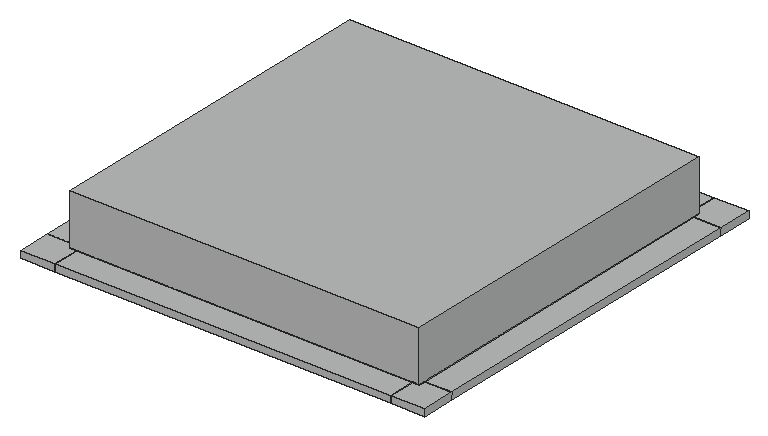
Revit family "ALUMOGIPS", category Осветительные приборы, Revit 2019 (continued)
Types (72, lengths in mm): name | Файл фотометрической сетки | built-in parameter 1150105 | Lumens | built-in parameter 1150106 | built-in parameter 1150142 | Wattage | Emit from Rectangle Width | Emit from Rectangle Length | Длина | Материал светильника | Ширина | ADSK_Ток | ADSK_Полная мощность | ADSK_Обозначение | ADSK_Номинальная мощность | ADSK_Наименование | ADSK_Масса | ADSK_Код изделия
  Alumogips-22/opal-sand 295x295 (IP40, 4000К, серый) | "Светильник ALUMOGIPS-22 OPAL-SAND-(295x295).IES" | 151.2 (stored number, unit not read) | 1900 lm | 1.512 (stored number, unit not read) | "IESNA:LM-63-95\r\n[TEST] Протокол №88\r\n[DATA] 02.08.2016\r\n[MORE] \r\n[MANUFAC] ЗАО \"Центрстройсвет\"\r\n[LUMCAT]  Светильник ALUMOGIPS-22/OPAL-SAND-(295x295)\r\n[LUMINAIRE]\r\n[LAMPCAT] Светодиоды\r\n[LAMP] Поток источника света (светодиодов) не известен\r\n[MORE] КСС приведена в абсолютных величинах кд\r\n[MORE] Вместо потока лампы, указан поток светильника.\r\nTILT=NONE\r\n1    1840 1.0 37 73 1 2 0.295 0.295 0.040\r\n1.0 1.0 23.0\r\n0.0 5.0 10.0 15.0 20.0 25.0 30.0 35.0 40.0 45.0 50.0 55.0 60.0 65.0 70.0 75.0 80.0 85.0 90.0 95.0 100.0 105.0 110.0 115.0 120.0 125.0 130.0 135.0 140.0 145.0 150.0 155.0 160.0 165.0 170.0 175.0 180.0\r\n0.0 5.0 10.0 15.0 20.0 25.0 30.0 35.0 40.0 45.0 50.0 55.0 60.0 65.0 70.0 75.0 80.0 85.0 90.0 95.0 100.0 105.0 110.0 115.0 120.0 125.0 130.0 135.0 140.0 145.0 150.0 155.0 160.0 165.0 170.0 175.0 180.0 185.0 190.0 195.0 200.0 205.0 210.0 215.0 220.0 225.0 230.0 235.0 240.0 245.0 250.0 255.0 260.0 265.0 270.0 275.0 280.0 285.0 290.0 295.0 300.0 305.0 310.0 315.0 320.0 325.0 330.0 335.0 340.0 345.0 350.0 355.0 360.0\r\n704.4 702.6 689.1 668.2 639.7 603.2 562.5 516.5 468.8 417.4 365.6 312.1 259.6 207.6 156.6 108.3 64.3 25.9 1.0 0.0 0.0 0.0 0.0 0.0 0.0 0.0 0.0 0.0 0.0 0.0 0.0 0.0 0.0 0.0 0.0 0.0 0.0\r\n704.4 702.6 688.9 666.9 636.8 601.2 560.9 517.4 467.0 417.5 364.8 312.1 258.9 207.6 156.5 108.3 64.5 26.2 0.8 0.0 0.0 0.0 0.0 0.0 0.0 0.0 0.0 0.0 0.0 0.0 0.0 0.0 0.0 0.0 0.0 0.0 0.0\r\n704.4 702.7 688.1 666.6 636.2 601.8 558.9 514.4 466.5 416.1 364.4 311.1 259.0 206.8 155.7 107.9 64.0 25.6 0.7 0.0 0.0 0.0 0.0 0.0 0.0 0.0 0.0 0.0 0.0 0.0 0.0 0.0 0.0 0.0 0.0 0.0 0.0\r\n704.4 702.8 687.5 665.5 635.7 599.5 558.6 514.9 467.7 415.9 364.3 311.2 257.9 206.3 155.3 107.2 63.6 25.3 0.6 0.0 0.0 0.0 0.0 0.0 0.0 0.0 0.0 0.0 0.0 0.0 0.0 0.0 0.0 0.0 0.0 0.0 0.0\r\n704.4 702.6 687.0 663.7 635.8 599.0 558.1 514.4 465.6 413.9 361.9 310.4 256.5 205.3 154.7 106.6 62.6 24.8 0.4 0.0 0.0 0.0 0.0 0.0 0.0 0.0 0.0 0.0 0.0 0.0 0.0 0.0 0.0 0.0 0.0 0.0 0.0\r\n704.4 702.2 686.0 663.0 633.3 599.1 557.7 512.0 464.8 414.0 362.8 309.2 256.6 205.1 154.2 106.1 62.4 24.4 0.4 0.0 0.0 0.0 0.0 0.0 0.0 0.0 0.0 0.0 0.0 0.0 0.0 0.0 0.0 0.0 0.0 0.0 0.0\r\n704.4 701.7 685.7 662.9 634.4 599.2 558.1 511.9 463.9 414.8 361.7 309.1 256.5 204.4 153.6 105.3 62.2 24.3 0.3 0.0 0.0 0.0 0.0 0.0 0.0 0.0 0.0 0.0 0.0 0.0 0.0 0.0 0.0 0.0 0.0 0.0 0.0\r\n704.4 701.4 685.4 663.3 632.5 597.1 557.3 512.2 463.2 413.2 361.4 307.8 255.6 203.8 153.2 105.6 61.8 24.0 0.3 0.0 0.0 0.0 0.0 0.0 0.0 0.0 0.0 0.0 0.0 0.0 0.0 0.0 0.0 0.0 0.0 0.0 0.0\r\n704.4 701.2 685.3 662.8 633.9 597.9 556.7 511.3 462.0 412.9 360.3 306.8 255.0 203.4 152.9 105.0 62.1 23.8 0.4 0.0 0.0 0.0 0.0 0.0 0.0 0.0 0.0 0.0 0.0 0.0 0.0 0.0 0.0 0.0 0.0 0.0 0.0\r\n704.4 700.7 685.1 661.8 633.2 596.2 556.5 510.9 461.5 411.1 359.4 307.7 255.0 203.8 153.0 104.9 61.9 23.6 0.5 0.0 0.0 0.0 0.0 0.0 0.0 0.0 0.0 0.0 0.0 0.0 0.0 0.0 0.0 0.0 0.0 0.0 0.0\r\n704.4 700.0 684.9 662.8 633.2 597.6 556.4 511.4 461.8 411.3 359.2 307.9 255.0 203.5 152.9 105.5 62.1 23.6 0.3 0.0 0.0 0.0 0.0 0.0 0.0 0.0 0.0 0.0 0.0 0.0 0.0 0.0 0.0 0.0 0.0 0.0 0.0\r\n704.4 699.6 685.0 663.1 633.0 597.9 557.6 511.6 462.2 410.8 359.8 307.8 254.6 203.2 152.9 105.6 62.1 23.9 0.3 0.0 0.0 0.0 0.0 0.0 0.0 0.0 0.0 0.0 0.0 0.0 0.0 0.0 0.0 0.0 0.0 0.0 0.0\r\n704.4 699.4 684.8 662.9 633.0 597.6 556.3 511.4 462.0 412.1 359.9 308.6 255.5 203.3 152.7 105.5 62.7 23.9 0.4 0.0 0.0 0.0 0.0 0.0 0.0 0.0 0.0 0.0 0.0 0.0 0.0 0.0 0.0 0.0 0.0 0.0 0.0\r\n704.4 699.2 685.0 663.9 634.3 597.1 556.9 510.5 462.6 411.5 359.8 308.0 255.2 203.3 153.6 105.4 62.4 24.0 0.4 0.0 0.0 0.0 0.0 0.0 0.0 0.0 0.0 0.0 0.0 0.0 0.0 0.0 0.0 0.0 0.0 0.0 0.0\r\n704.4 698.9 685.3 663.1 633.1 597.7 555.9 511.5 463.6 413.1 360.4 307.4 255.0 203.4 154.1 106.4 62.5 24.2 0.3 0.0 0.0 0.0 0.0 0.0 0.0 0.0 0.0 0.0 0.0 0.0 0.0 0.0 0.0 0.0 0.0 0.0 0.0\r\n704.4 698.8 684.9 662.5 633.7 597.3 557.3 511.4 463.5 412.5 360.6 308.3 256.1 204.5 154.8 106.4 63.3 24.7 0.4 0.0 0.0 0.0 0.0 0.0 0.0 0.0 0.0 0.0 0.0 0.0 0.0 0.0 0.0 0.0 0.0 0.0 0.0\r\n704.4 698.8 685.0 663.1 634.2 598.6 557.7 511.5 463.1 413.4 360.7 309.0 257.0 204.7 154.5 107.2 63.3 25.0 0.4 0.0 0.0 0.0 0.0 0.0 0.0 0.0 0.0 0.0 0.0 0.0 0.0 0.0 0.0 0.0 0.0 0.0 0.0\r\n704.4 698.8 685.9 663.2 634.6 598.3 557.6 511.0 462.3 413.8 361.5 308.8 256.7 205.8 155.4 107.6 63.7 25.3 0.4 0.0 0.0 0.0 0.0 0.0 0.0 0.0 0.0 0.0 0.0 0.0 0.0 0.0 0.0 0.0 0.0 0.0 0.0\r\n704.4 698.9 686.2 663.6 634.2 598.4 558.9 513.7 463.3 414.0 361.2 309.4 257.5 206.4 155.7 108.1 64.2 25.7 0.3 0.0 0.0 0.0 0.0 0.0 0.0 0.0 0.0 0.0 0.0 0.0 0.0 0.0 0.0 0.0 0.0 0.0 0.0\r\n704.4 699.2 685.6 664.1 635.3 599.2 558.5 513.9 465.4 414.1 363.1 310.0 258.5 206.6 156.1 108.2 64.8 26.0 0.4 0.0 0.0 0.0 0.0 0.0 0.0 0.0 0.0 0.0 0.0 0.0 0.0 0.0 0.0 0.0 0.0 0.0 0.0\r\n704.4 699.5 685.9 663.5 635.1 599.6 559.3 514.1 467.4 415.5 363.4 310.4 258.2 207.4 157.0 108.7 65.3 26.4 0.7 0.0 0.0 0.0 0.0 0.0 0.0 0.0 0.0 0.0 0.0 0.0 0.0 0.0 0.0 0.0 0.0 0.0 0.0\r\n704.4 699.6 686.6 665.6 636.2 601.3 560.7 514.4 466.7 415.4 364.2 311.3 259.4 207.8 157.4 109.5 65.4 26.6 0.9 0.0 0.0 0.0 0.0 0.0 0.0 0.0 0.0 0.0 0.0 0.0 0.0 0.0 0.0 0.0 0.0 0.0 0.0\r\n704.4 699.6 687.0 665.5 635.2 600.6 560.0 515.7 467.1 415.8 363.7 312.0 259.9 208.3 157.9 109.9 66.2 27.1 1.0 0.0 0.0 0.0 0.0 0.0 0.0 0.0 0.0 0.0 0.0 0.0 0.0 0.0 0.0 0.0 0.0 0.0 0.0\r\n704.4 699.6 686.9 665.3 638.0 601.8 560.2 516.2 467.8 417.1 364.5 312.6 260.5 209.6 159.0 110.8 66.2 27.7 1.1 0.0 0.0 0.0 0.0 0.0 0.0 0.0 0.0 0.0 0.0 0.0 0.0 0.0 0.0 0.0 0.0 0.0 0.0\r\n704.4 699.6 687.1 666.3 637.6 601.9 561.9 517.1 468.0 418.2 366.8 314.0 261.4 209.4 159.3 111.3 67.0 28.1 1.2 0.0 0.0 0.0 0.0 0.0 0.0 0.0 0.0 0.0 0.0 0.0 0.0 0.0 0.0 0.0 0.0 0.0 0.0\r\n704.4 699.5 687.4 666.7 638.8 602.2 562.2 518.2 469.5 419.1 368.2 314.0 263.2 210.6 159.7 111.6 67.9 28.6 1.4 0.0 0.0 0.0 0.0 0.0 0.0 0.0 0.0 0.0 0.0 0.0 0.0 0.0 0.0 0.0 0.0 0.0 0.0\r\n704.4 699.5 688.3 667.0 640.3 604.3 563.6 518.1 470.6 419.5 367.4 316.1 263.5 211.7 161.4 112.7 68.0 28.9 1.6 0.0 0.0 0.0 0.0 0.0 0.0 0.0 0.0 0.0 0.0 0.0 0.0 0.0 0.0 0.0 0.0 0.0 0.0\r\n704.4 699.3 688.8 667.6 639.8 604.7 565.6 518.5 470.9 421.8 370.5 318.0 264.7 211.6 161.4 113.3 69.3 29.6 1.6 0.0 0.0 0.0 0.0 0.0 0.0 0.0 0.0 0.0 0.0 0.0 0.0 0.0 0.0 0.0 0.0 0.0 0.0\r\n704.4 699.3 689.1 668.0 639.9 605.1 564.7 521.0 473.3 421.7 371.0 317.6 265.9 213.4 162.4 113.9 69.6 30.2 2.1 0.0 0.0 0.0 0.0 0.0 0.0 0.0 0.0 0.0 0.0 0.0 0.0 0.0 0.0 0.0 0.0 0.0 0.0\r\n704.4 699.1 689.5 669.7 641.0 604.7 565.4 521.7 472.9 422.2 371.7 318.9 266.2 213.7 163.0 114.7 70.1 30.7 2.4 0.0 0.0 0.0 0.0 0.0 0.0 0.0 0.0 0.0 0.0 0.0 0.0 0.0 0.0 0.0 0.0 0.0 0.0\r\n704.4 699.0 688.9 668.7 641.2 606.9 567.6 522.5 474.1 423.9 372.7 320.8 267.8 215.3 164.2 115.4 70.6 31.3 2.5 0.0 0.0 0.0 0.0 0.0 0.0 0.0 0.0 0.0 0.0 0.0 0.0 0.0 0.0 0.0 0.0 0.0 0.0\r\n704.4 699.1 688.5 669.3 641.7 607.1 565.5 524.1 474.7 425.6 373.4 320.3 268.0 216.0 165.4 116.1 71.4 31.8 3.2 0.0 0.0 0.0 0.0 0.0 0.0 0.0 0.0 0.0 0.0 0.0 0.0 0.0 0.0 0.0 0.0 0.0 0.0\r\n704.4 699.3 687.9 669.4 641.7 607.2 568.4 524.0 476.6 426.2 374.1 322.1 268.8 217.3 165.9 117.2 72.0 32.4 3.4 0.0 0.0 0.0 0.0 0.0 0.0 0.0 0.0 0.0 0.0 0.0 0.0 0.0 0.0 0.0 0.0 0.0 0.0\r\n704.4 699.4 688.3 668.6 642.5 609.5 569.6 524.7 477.8 427.5 376.1 323.3 270.4 217.7 167.4 118.2 72.9 32.9 3.5 0.0 0.0 0.0 0.0 0.0 0.0 0.0 0.0 0.0 0.0 0.0 0.0 0.0 0.0 0.0 0.0 0.0 0.0\r\n704.4 699.4 689.0 668.7 640.7 609.0 568.7 526.9 479.0 427.9 376.7 323.6 272.1 218.5 168.0 119.1 73.6 33.5 3.7 0.0 0.0 0.0 0.0 0.0 0.0 0.0 0.0 0.0 0.0 0.0 0.0 0.0 0.0 0.0 0.0 0.0 0.0\r\n704.4 699.5 689.2 670.1 641.2 608.9 569.2 524.1 478.5 427.1 377.3 325.0 272.3 219.8 169.2 119.9 74.3 34.5 4.2 0.0 0.0 0.0 0.0 0.0 0.0 0.0 0.0 0.0 0.0 0.0 0.0 0.0 0.0 0.0 0.0 0.0 0.0\r\n704.4 699.5 689.2 669.3 642.5 609.2 569.8 524.5 479.5 428.4 376.6 325.2 272.4 220.9 169.5 120.1 74.4 34.4 4.3 0.0 0.0 0.0 0.0 0.0 0.0 0.0 0.0 0.0 0.0 0.0 0.0 0.0 0.0 0.0 0.0 0.0 0.0\r\n704.4 699.2 689.2 669.9 643.4 609.4 571.0 527.6 480.8 430.3 377.8 326.1 273.4 220.9 169.5 120.2 74.5 34.1 3.9 0.0 0.0 0.0 0.0 0.0 0.0 0.0 0.0 0.0 0.0 0.0 0.0 0.0 0.0 0.0 0.0 0.0 0.0\r\n704.4 698.9 689.2 670.5 644.2 611.7 573.5 529.4 482.3 431.6 378.4 327.7 274.1 222.2 170.4 120.8 75.0 34.6 4.3 0.0 0.0 0.0 0.0 0.0 0.0 0.0 0.0 0.0 0.0 0.0 0.0 0.0 0.0 0.0 0.0 0.0 0.0\r\n704.4 698.9 690.0 671.1 646.9 613.4 573.6 530.0 481.1 432.2 380.0 327.9 274.9 222.2 170.8 121.1 75.6 35.3 4.2 0.0 0.0 0.0 0.0 0.0 0.0 0.0 0.0 0.0 0.0 0.0 0.0 0.0 0.0 0.0 0.0 0.0 0.0\r\n704.4 699.3 690.7 674.8 647.7 612.5 573.7 529.4 482.0 432.1 380.6 327.7 274.6 222.1 170.6 121.7 76.0 35.6 4.5 0.0 0.0 0.0 0.0 0.0 0.0 0.0 0.0 0.0 0.0 0.0 0.0 0.0 0.0 0.0 0.0 0.0 0.0\r\n704.4 699.9 691.7 675.0 647.1 613.1 573.0 530.7 482.3 432.6 379.8 328.5 274.7 223.2 171.5 122.3 76.3 35.9 5.0 0.0 0.0 0.0 0.0 0.0 0.0 0.0 0.0 0.0 0.0 0.0 0.0 0.0 0.0 0.0 0.0 0.0 0.0\r\n704.4 700.4 692.9 673.4 646.5 612.9 575.2 531.6 483.1 433.1 381.9 328.2 276.3 222.1 172.0 122.8 76.9 36.2 5.1 0.0 0.0 0.0 0.0 0.0 0.0 0.0 0.0 0.0 0.0 0.0 0.0 0.0 0.0 0.0 0.0 0.0 0.0\r\n704.4 700.6 693.5 673.9 647.0 612.9 573.5 531.0 482.4 433.7 382.3 328.8 276.2 223.2 172.6 123.3 77.4 36.6 5.1 0.0 0.0 0.0 0.0 0.0 0.0 0.0 0.0 0.0 0.0 0.0 0.0 0.0 0.0 0.0 0.0 0.0 0.0\r\n704.4 700.7 693.7 673.1 648.0 613.9 574.3 531.3 483.3 432.8 382.1 329.2 275.7 223.6 172.8 123.4 77.8 36.9 4.9 0.0 0.0 0.0 0.0 0.0 0.0 0.0 0.0 0.0 0.0 0.0 0.0 0.0 0.0 0.0 0.0 0.0 0.0\r\n704.4 701.1 693.8 674.8 647.2 613.5 575.2 531.8 483.2 434.1 382.5 328.9 276.7 223.3 172.7 123.9 77.9 37.4 5.0 0.0 0.0 0.0 0.0 0.0 0.0 0.0 0.0 0.0 0.0 0.0 0.0 0.0 0.0 0.0 0.0 0.0 0.0\r\n704.4 701.8 693.2 673.7 647.8 613.7 574.8 529.9 484.5 434.8 382.6 330.3 276.0 223.9 173.4 124.4 78.3 37.7 5.0 0.0 0.0 0.0 0.0 0.0 0.0 0.0 0.0 0.0 0.0 0.0 0.0 0.0 0.0 0.0 0.0 0.0 0.0\r\n704.4 702.4 693.0 674.7 647.5 613.7 574.7 531.6 484.4 433.5 382.7 330.5 276.0 224.0 173.7 124.4 78.8 37.9 4.7 0.0 0.0 0.0 0.0 0.0 0.0 0.0 0.0 0.0 0.0 0.0 0.0 0.0 0.0 0.0 0.0 0.0 0.0\r\n704.4 702.9 693.1 673.7 646.9 614.1 575.5 531.6 485.4 434.0 382.7 330.7 276.9 224.2 173.3 124.5 79.1 38.3 4.4 0.0 0.0 0.0 0.0 0.0 0.0 0.0 0.0 0.0 0.0 0.0 0.0 0.0 0.0 0.0 0.0 0.0 0.0\r\n704.4 703.3 693.4 673.6 647.7 614.5 574.9 531.1 484.2 434.6 382.2 329.8 277.1 224.6 173.1 124.5 78.9 38.1 4.9 0.0 0.0 0.0 0.0 0.0 0.0 0.0 0.0 0.0 0.0 0.0 0.0 0.0 0.0 0.0 0.0 0.0 0.0\r\n704.4 703.5 692.8 673.5 646.9 613.2 574.9 530.4 485.0 432.4 382.8 329.5 277.0 223.9 173.7 124.3 78.8 38.0 5.3 0.0 0.0 0.0 0.0 0.0 0.0 0.0 0.0 0.0 0.0 0.0 0.0 0.0 0.0 0.0 0.0 0.0 0.0\r\n704.4 703.6 692.6 673.2 647.2 613.2 573.5 530.2 483.8 433.3 382.1 329.2 277.1 224.4 172.8 124.4 78.9 38.0 4.9 0.0 0.0 0.0 0.0 0.0 0.0 0.0 0.0 0.0 0.0 0.0 0.0 0.0 0.0 0.0 0.0 0.0 0.0\r\n704.4 703.7 692.8 672.6 647.2 614.4 573.5 530.9 482.8 433.6 380.9 329.2 276.5 224.5 172.9 124.0 78.7 37.8 4.9 0.0 0.0 0.0 0.0 0.0 0.0 0.0 0.0 0.0 0.0 0.0 0.0 0.0 0.0 0.0 0.0 0.0 0.0\r\n704.4 703.8 692.6 673.2 647.0 612.4 573.2 530.1 482.8 432.7 380.9 328.7 276.1 224.2 172.8 123.6 78.2 37.4 5.0 0.0 0.0 0.0 0.0 0.0 0.0 0.0 0.0 0.0 0.0 0.0 0.0 0.0 0.0 0.0 0.0 0.0 0.0\r\n704.4 703.6 693.0 674.0 646.0 613.3 572.9 529.7 482.7 431.7 379.7 327.7 275.3 223.6 172.8 123.2 77.9 37.1 4.7 0.0 0.0 0.0 0.0 0.0 0.0 0.0 0.0 0.0 0.0 0.0 0.0 0.0 0.0 0.0 0.0 0.0 0.0\r\n704.4 703.2 693.3 671.6 645.9 611.7 572.1 528.4 482.6 432.2 380.7 327.6 274.6 222.7 171.5 123.0 77.5 36.7 4.5 0.0 0.0 0.0 0.0 0.0 0.0 0.0 0.0 0.0 0.0 0.0 0.0 0.0 0.0 0.0 0.0 0.0 0.0\r\n704.4 703.1 692.8 671.5 645.0 611.3 572.6 526.8 480.5 432.1 379.2 327.0 274.1 221.6 170.8 122.4 77.0 36.3 4.1 0.0 0.0 0.0 0.0 0.0 0.0 0.0 0.0 0.0 0.0 0.0 0.0 0.0 0.0 0.0 0.0 0.0 0.0\r\n704.4 703.3 692.3 671.6 644.6 611.4 570.3 526.6 479.8 430.3 378.7 326.0 273.2 220.7 170.1 121.6 76.1 35.7 3.9 0.0 0.0 0.0 0.0 0.0 0.0 0.0 0.0 0.0 0.0 0.0 0.0 0.0 0.0 0.0 0.0 0.0 0.0\r\n704.4 703.4 692.1 673.0 644.7 610.0 571.1 525.9 478.7 429.2 377.2 324.8 271.8 219.9 169.3 120.3 75.5 35.2 3.5 0.0 0.0 0.0 0.0 0.0 0.0 0.0 0.0 0.0 0.0 0.0 0.0 0.0 0.0 0.0 0.0 0.0 0.0\r\n704.4 703.3 692.0 671.7 643.8 610.5 570.5 526.6 477.8 429.3 377.1 324.6 272.1 219.3 168.4 119.6 74.7 34.2 3.6 0.0 0.0 0.0 0.0 0.0 0.0 0.0 0.0 0.0 0.0 0.0 0.0 0.0 0.0 0.0 0.0 0.0 0.0\r\n704.4 703.2 691.7 671.4 643.3 607.8 570.3 524.8 477.5 427.2 375.8 323.5 270.4 218.3 167.6 118.9 73.6 33.5 3.3 0.0 0.0 0.0 0.0 0.0 0.0 0.0 0.0 0.0 0.0 0.0 0.0 0.0 0.0 0.0 0.0 0.0 0.0\r\n704.4 703.2 691.3 670.4 642.9 608.1 568.6 525.2 476.3 426.8 374.1 322.6 268.8 216.9 165.8 117.8 73.0 32.9 2.7 0.0 0.0 0.0 0.0 0.0 0.0 0.0 0.0 0.0 0.0 0.0 0.0 0.0 0.0 0.0 0.0 0.0 0.0\r\n704.4 703.2 691.0 670.9 642.3 607.5 567.5 522.3 477.0 426.7 373.5 321.2 267.9 216.0 165.2 116.7 71.6 32.1 2.8 0.0 0.0 0.0 0.0 0.0 0.0 0.0 0.0 0.0 0.0 0.0 0.0 0.0 0.0 0.0 0.0 0.0 0.0\r\n704.4 703.3 690.4 669.1 641.2 607.4 565.7 523.3 473.7 425.1 373.6 320.5 267.1 214.8 164.2 115.8 70.8 31.5 2.0 0.0 0.0 0.0 0.0 0.0 0.0 0.0 0.0 0.0 0.0 0.0 0.0 0.0 0.0 0.0 0.0 0.0 0.0\r\n704.4 703.4 689.7 669.6 640.7 607.3 565.0 521.8 475.0 423.5 372.9 318.9 265.5 214.0 163.2 114.6 70.2 30.5 2.0 0.0 0.0 0.0 0.0 0.0 0.0 0.0 0.0 0.0 0.0 0.0 0.0 0.0 0.0 0.0 0.0 0.0 0.0\r\n704.4 703.4 689.7 668.8 640.3 605.8 566.4 519.9 474.4 423.7 370.8 318.1 265.5 212.7 162.1 113.5 68.9 29.8 2.0 0.0 0.0 0.0 0.0 0.0 0.0 0.0 0.0 0.0 0.0 0.0 0.0 0.0 0.0 0.0 0.0 0.0 0.0\r\n704.4 703.4 690.2 667.6 639.0 606.2 565.0 519.0 472.4 422.7 370.1 317.7 263.8 212.1 161.1 112.8 68.2 29.0 2.0 0.0 0.0 0.0 0.0 0.0 0.0 0.0 0.0 0.0 0.0 0.0 0.0 0.0 0.0 0.0 0.0 0.0 0.0\r\n704.4 703.2 690.1 667.2 639.6 602.9 563.5 519.7 471.9 421.7 368.7 316.5 262.8 211.0 160.3 111.9 67.5 28.3 1.6 0.0 0.0 0.0 0.0 0.0 0.0 0.0 0.0 0.0 0.0 0.0 0.0 0.0 0.0 0.0 0.0 0.0 0.0\r\n704.4 703.1 689.6 667.3 637.8 603.3 562.7 517.3 470.1 419.4 368.0 315.2 261.9 210.6 159.0 110.9 66.6 27.9 1.1 0.0 0.0 0.0 0.0 0.0 0.0 0.0 0.0 0.0 0.0 0.0 0.0 0.0 0.0 0.0 0.0 0.0 0.0\r\n704.4 703.1 689.9 668.7 638.6 603.3 561.3 518.8 468.9 418.8 367.0 314.2 262.0 208.7 158.3 110.1 65.9 27.3 1.0 0.0 0.0 0.0 0.0 0.0 0.0 0.0 0.0 0.0 0.0 0.0 0.0 0.0 0.0 0.0 0.0 0.0 0.0\r\n704.4 703.1 689.9 667.6 639.0 603.4 561.3 516.7 468.8 418.8 365.3 313.8 260.7 208.2 156.8 109.3 65.1 26.7 1.0 0.0 0.0 0.0 0.0 0.0 0.0 0.0 0.0 0.0 0.0 0.0 0.0 0.0 0.0 0.0 0.0 0.0 0.0\r\n704.4 702.8 689.4 668.0 639.3 603.2 562.9 517.1 467.8 418.2 366.4 312.6 259.9 207.7 156.4 108.1 64.3 25.9 1.0 0.0 0.0 0.0 0.0 0.0 0.0 0.0 0.0 0.0 0.0 0.0 0.0 0.0 0.0 0.0 0.0 0.0 0.0\r\n704.4 702.6 689.1 668.2 639.7 603.2 562.5 516.5 468.8 417.4 365.6 312.1 259.6 207.6 156.6 108.3 64.3 25.9 1.0 0.0 0.0 0.0 0.0 0.0 0.0 0.0 0.0 0.0 0.0 0.0 0.0 0.0 0.0 0.0 0.0 0.0 0.0\r\n" | 12.791 W | 275 | 275 | 295 | RAL 9006 | 295 | 0.10397 A | 23.913 VA | "Alumogips-22/opal-sand 295x295 (IP40, 4000К, серый)" | 22 W | "Встраиваемый светодиодный светильник Alumogips-22/opal-sand 295x295 (IP40, 4000К, серый)" | 1 | "ЦБ000006716"
